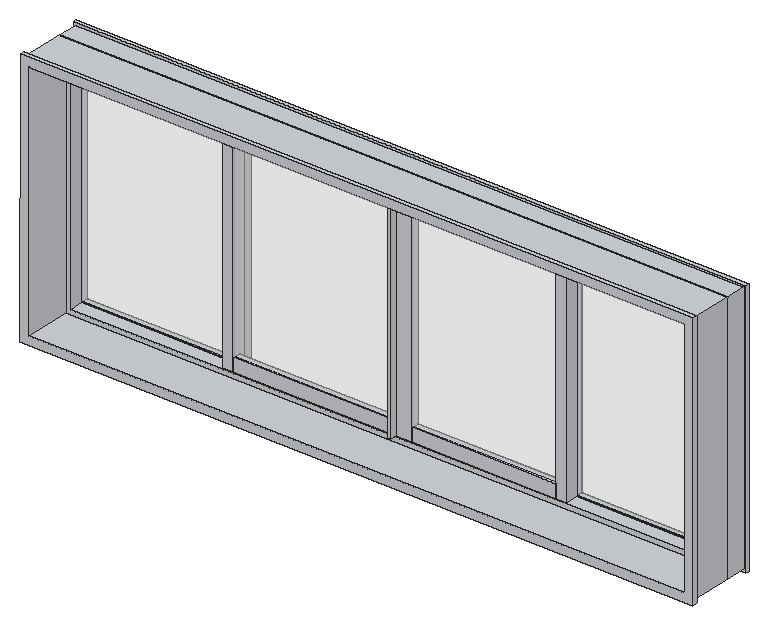
Revit family "APL Residential Thermal Heart Sliding Window FSSF", category Windows, host Wall, Revit 2017
Family settings
  Host = Wall
  OmniClass Number = 23.30.20.00
  OmniClass Title = Windows
  Always vertical = Yes
  Cut with Voids When Loaded = No
  Shared = No
  Room Calculation Point = No
Parameters (values of type "Architrave")
  Rough Width = 3215 mm
  Rough Height = 1215 mm
  Reveal Liner = no
  Liner Sill = yes
  Liner Head = yes
  Liner [instance] = 100.6 mm
  Length [instance] = ((Rough Width / 2) - 350 mm) / 2  # 628.75 mm
  Jamb Liner 2 = yes
  Jamb Liner 1 = yes
  Height = Rough Height - 15 mm  # 1200 mm
  Groove = 10 mm
  Frame Width = 12.4 mm
  Frame Projection Int. = 20 mm
  Frame Projection Ext. = 14 mm
  Liner End = 10 mm
  Default Sill Height = 900 mm
  Wall Closure = By host
  Width = Rough Width - 15 mm  # 3200 mm
  Arrow Opening = yes
  Architrave = yes
  Analytic Construction = "<None>"
Reference planes
  plane 1 "Center (Front/Back)": y = 0
  plane 2 "Center (Left/Right)": x = 12.5
  plane 3 "Left": x = -1595
  plane 4 "Right": x = 1620
  plane 5 "Sill": z = 900
  plane 6 "Head": z = 2115
  plane 7 "Exterior": y = 150
  plane 8 "Interior": y = -150
  plane 9: x = -791.25
  plane 10: x = 816.25
Forms (mm)
  Extrusion 1, solid, visible <- "Architrave"
    sketch origin (-5003.629, -150, 0) x (1, 0, 0) y (0, 0, 1)
      loop
        line (3436.629, 2086.896) -> (3436.629, 928.104) -> (6595.629, 928.104) -> (6595.629, 2086.896) -> (3436.629, 2086.896)
      loop
        line (3396.129, 2127.5) -> (3396.129, 887.5) -> (6636.129, 887.5) -> (6636.129, 2127.5) -> (3396.129, 2127.5)
    from 0 to 20 <- "Frame Projection Int."
  Extrusion 2, solid, visible <- "Architrave"
    sketch origin (0, -150, 0) x (1, 0, 0) y (0, 0, 1)
      loop
        line (-1595, 2115) -> (-1595, 900) -> (1620, 900) -> (1620, 2115) -> (-1595, 2115)
      loop
        line (-1567, 2087) -> (-1567, 928) -> (1592, 928) -> (1592, 2087) -> (-1567, 2087)
    from 0 to -203.308
  Sweep 3, solid, visible <- "Reveal Liner"
    path origin (0, -150, 0) x (1, 0, 0) y (0, 0, 1)
      loop
        line (-1595, 2115) -> (-1595, 900) -> (1620, 900) -> (1620, 2115) -> (-1595, 2115)
    profile origin (-1595, -150, 1507.5) x (-1, 0, 0) y (0, -1, 0)
      loop
        line (0, 0) -> (-15, 0) -> (-15, 10) -> (-9.435, 10) -> (-9.435, 20) -> (-28, 20) -> (-28, -203.308) -> (0, -203.308) -> (0, 0)
  Extrusion 4, solid
    sketch origin (0, 0, 0) x (1, 0, 0) y (0, 1, 0)
      loop
        line (95.154, 59.95) -> (95.154, 95.951) -> (18.117, 95.951) -> (18.117, 59.95) -> (95.154, 59.95)
    from 950.5 to 2064.5
  Extrusion 5, solid
    sketch origin (0, 0, 0) x (1, 0, 0) y (0, 1, 0)
      loop
        line (-765.84, 90.65) -> (-765.84, 66.65) -> (-16.866, 66.65) -> (-16.866, 90.65) -> (-765.84, 90.65)
    from 1015 to 2000
  Extrusion 6, solid
    sketch origin (787.05, 0, 0) x (1, 0, 0) y (0, 1, 0)
      loop
        line (52.04, 59.9) -> (52.04, 123.75) -> (0.04, 123.75) -> (0.04, 59.9) -> (52.04, 59.9)
    from 950.5 to 2064.5
  Extrusion 7, solid
    sketch origin (787.05, 0, 0) x (1, 0, 0) y (0, 1, 0)
      loop
        line (33.04, 123.75) -> (33.04, 168.35) -> (0.079, 168.35) -> (0.079, 123.75) -> (33.04, 123.75)
    from 931.5 to 2083.5
  Sweep 8, solid
    path origin (0, 150, 0) x (1, 0, 0) y (0, 0, 1)
      loop
        line (1620, 2115) -> (-1595, 2115) -> (-1595, 900) -> (1620, 900) -> (1620, 2115)
    profile origin (-1595, 150, 1507.5) x (0, -1, 0) y (1, 0, 0)
      loop
        line (0, 0) -> (96.692, 0) -> (96.692, 50.5) -> (26.25, 50.5) -> (26.25, 31.5) -> (-18.35, 31.5) -> (-18.35, 8.5) -> (-12.35, 2.5) -> (-12.35, -12.5) -> (0, -12.5) -> (0, 0)
  Extrusion 9, solid
    sketch origin (0, 0, 0) x (1, 0, 0) y (0, 1, 0)
      loop
        line (839.09, 152.85) -> (839.09, 128.85) -> (1569.5, 128.85) -> (1569.5, 152.85) -> (839.09, 152.85)
    from 950.5 to 2064.5
  Sweep 10, solid
    path origin (0, 150, 0) x (1, 0, 0) y (0, 0, 1)
      loop
        line (1588.5, 2083.5) -> (820.05, 2083.5) -> (820.05, 931.5) -> (1588.5, 931.5) -> (1588.5, 2083.5)
    profile origin (1588.5, 150, 1507.5) x (-1, 0, 0) y (0, -1, 0)
      loop
        line (19, 26.25) -> (0, 26.25) -> (0, -18.296) -> (4.668, -18.296) -> (19, -3.964) -> (19, 26.25)
  Sweep 11, solid
    path origin (1476.58, 150, 1726.054) x (0, 0, 1) y (-1, 0, 0)
      loop
        line (-794.554, 2242.42) -> (-794.554, 689.451)
    profile origin (10.645, 150, 931.5) x (0, 0, 1) y (0, -1, 0)
      loop
        line (0, -18.35) -> (1.334, -18.35) -> (19, 24.299) -> (19, 26.25) -> (0, 26.25) -> (0, -18.35)
  Extrusion 12, solid
    sketch origin (0, 0, 0) x (1, 0, 0) y (0, 1, 0)
      loop
        line (95.154, 95.951) -> (95.154, 59.9) -> (787.09, 59.9) -> (787.09, 95.951) -> (95.154, 95.951)
    from 950.5 to 1015
  Extrusion 13, solid
    sketch origin (-776.21, 0, 0) x (-1, 0, 0) y (0, -1, 0)
      loop
        line (41.631, -59.9) -> (-10.369, -59.9) -> (-10.369, -123.75) -> (41.631, -123.75) -> (41.631, -59.9)
    from 950.5 to 2064.5
  Extrusion 14, solid
    sketch origin (-776.21, 0, 0) x (-1, 0, 0) y (0, -1, 0)
      loop
        line (22.631, -123.75) -> (-10.33, -123.75) -> (-10.33, -168.35) -> (22.631, -168.35) -> (22.631, -123.75)
    from 931.5 to 2083.5
  Extrusion 15, solid
    sketch origin (-857.244, 0, 0) x (1, 0, 0) y (0, 1, 0)
      loop
        line (91.404, 95.951) -> (91.404, 59.9) -> (840.378, 59.9) -> (840.378, 95.951) -> (91.404, 95.951)
    from 950.5 to 1015
  Extrusion 16, solid
    sketch origin (0.582, 0, 1049.5) x (0, -1, 0) y (1, 0, 0)
      loop
        line (-95.951, 94.572) -> (-59.9, 94.572) -> (-59.9, 786.508) -> (-95.951, 786.508) -> (-95.951, 94.572)
    from 950.5 to 1015
  Extrusion 17, solid
    sketch origin (-861.404, 0, 1049.5) x (0, -1, 0) y (1, 0, 0)
      loop
        line (-95.951, 95.364) -> (-59.9, 95.364) -> (-59.9, 844.538) -> (-95.951, 844.538) -> (-95.951, 95.364)
    from 950.5 to 1015
  Sweep 18, solid
    path origin (25, 150, 0) x (-1, 0, 0) y (0, 0, 1)
      loop
        line (1588.5, 2083.5) -> (823.84, 2083.5) -> (823.84, 931.5) -> (1588.5, 931.5) -> (1588.5, 2083.5)
    profile origin (-1563.5, 150, 1507.5) x (-1, 0, 0) y (0, -1, 0)
      loop
        line (-19, 26.25) -> (-19, -3.964) -> (-4.668, -18.296) -> (0, -18.296) -> (0, 26.25) -> (-19, 26.25)
  Sweep 19, solid
    path origin (1476.58, 150, 1288.946) x (0, 0, -1) y (-1, 0, 0)
      loop
        line (-794.554, 2242.42) -> (-794.554, 675.291)
    profile origin (17.724, 150, 2083.5) x (0, 0, 1) y (0, -1, 0)
      loop
        line (0, -18.35) -> (0, 26.25) -> (-19, 26.25) -> (-19, 24.299) -> (-1.334, -18.35) -> (0, -18.35)
  Extrusion 20, solid
    sketch origin (803.978, 0, 0) x (1, 0, 0) y (0, 1, 0)
      loop
        line (-708.824, 90.65) -> (-708.824, 66.65) -> (-2.706, 66.65) -> (-2.706, 90.65) -> (-708.824, 90.65)
    from 1015 to 2000
  Extrusion 21, solid
    sketch origin (-2383.59, 0, 0) x (1, 0, 0) y (0, 1, 0)
      loop
        line (839.09, 152.85) -> (839.09, 128.85) -> (1565.75, 128.85) -> (1565.75, 152.85) -> (839.09, 152.85)
    from 950.5 to 2064.5
  Extrusion 22, solid
    sketch origin (-77.037, 0, 0) x (1, 0, 0) y (0, 1, 0)
      loop
        line (78.968, 59.95) -> (78.968, 29.527) -> (95.154, 29.527) -> (95.154, 125.701) -> (79.141, 125.701) -> (79.141, 95.951) -> (60.171, 95.951) -> (60.171, 59.95) -> (78.968, 59.95)
    from 950.5 to 2064.5
Cuts and joins
  joined: Extrusion 1, Extrusion 2
Lines and regions (mm)
  Opening 1
    outline origin (3496.371, -150, 0) x (1, 0, 0) y (0, 0, 1)
      loop
        line (-1876.371, 900) -> (-1876.371, 2115) -> (-5091.371, 2115) -> (-5091.371, 900) -> (-1876.371, 900)
  Masking region 1
    outline origin (787.05, 0, 0) x (1, 0, 0) y (0, 1, 0)
      loop
        line (0.079, 123.75) -> (52.04, 123.75) -> (52.04, 153.964) -> (37.654, 168.35) -> (0.079, 168.35) -> (0.079, 123.75)
  Masking region 2
    outline origin (-1595, 150, 900) x (0, -1, 0) y (1, 0, 0)
      loop
        line (-3.964, 3164.5) -> (96.692, 3164.5) -> (96.692, 3215) -> (0, 3215) -> (0, 3227.5) -> (-12.35, 3227.5) -> (-12.35, 3212.5) -> (-18.35, 3206.5) -> (-18.35, 3178.886) -> (-3.964, 3164.5)
  Masking region 3
    outline origin (-776.21, 0, 0) x (0, 1, 0) y (-1, 0, 0)
      loop
        line (123.75, -10.369) -> (168.35, -10.369) -> (168.35, 27.244) -> (153.964, 41.631) -> (123.75, 41.631) -> (123.75, -10.369)
  symbolic lines, style "WindowsOpeningProjection", visible <- "Arrow Opening"
    curve 1: line (213.97, 198.581, 0) -> (563.97, 198.581, 0)
    curve 2: line (563.97, 198.581, 0) -> (467.377, 224.463, 0)
    curve 3: line (270.611, 150, 1507.5) -> (620.611, 150, 1507.5)
    curve 4: line (620.611, 150, 1507.5) -> (562.656, 150, 1523.029)
    curve 5: line (-235.201, 150, 1507.5) -> (-585.201, 150, 1507.5)
    curve 6: line (-585.201, 150, 1507.5) -> (-527.246, 150, 1523.029)
    curve 7: line (-178.56, 198.581, 0) -> (-528.56, 198.581, 0)
    curve 8: line (-528.56, 198.581, 0) -> (-431.967, 224.463, 0)
Text (mm)
  text "EXTERIOR" at (-1981.466, 1222.999, 0), in view "Ref. Level"
  text "INTERIOR" at (-1981.466, -818.386, 0), in view "Ref. Level"
  text "Exterior" at (0, 923.751, 2943.296), in view "Right"
  text "Exterior" at (0, 1040.484, 2685.409), in view "Left"
Dimensions and locks
  equal spacing: plane 3 "Left", plane 2 "Center (Left/Right)", plane 4 "Right"
  "Rough Width": plane 3 "Left" to plane 4 "Right"
  "Rough Height": plane 5 "Sill" to plane 6 "Head"
  "Default Sill Height": plane 5 "Sill" to level
  locked: plane 7 "Exterior" to host wall at 0
  locked: plane 8 "Interior" to host wall
  locked: curve 1 to curve 1 at 350
  curve 2 to curve 2 = 100 mm
  locked: curve 4 to curve 4 at 60
  locked: cut or joined group of Extrusion 1, Extrusion 2 to cut or joined group of Extrusion 1, Extrusion 2 at 28
  nested 2 to plane 4 "Right" = 7.5 mm
  locked: plane 3 "Left" to nested 2 at 7.5
  plane 5 "Sill" to nested 1 = 7.5 mm
  locked: plane 7 "Exterior" to Sweep 3 at 96.692  (x3)
  locked: Extrusion 6 to plane 7 "Exterior" at 90.1
  locked: Extrusion 4 to Sweep 3 at 6.642
  Extrusion 4 to Extrusion 5 to Extrusion 5 to Extrusion 4 = 5.301 mm locked, 24 mm locked, 6.7 mm locked
  Extrusion 4 to Extrusion 4 to Sweep 3 = 36.001 mm locked, 6.642 mm locked
  locked: Extrusion 12 to Extrusion 12 at 36.051
  locked: Extrusion 12 to Sweep 3 at 6.592
  equal spacing: plane 5 "Sill", curve 3, plane 6 "Head"
  locked: curve 3 to curve 3 at 350
  locked: Extrusion 9 to plane 6 "Head" at 50.5
  locked: Extrusion 5 to plane 6 "Head" at 115
  locked: Extrusion 4 to plane 6 "Head" at 50.5
  locked: Extrusion 7 to plane 6 "Head" at 31.5
  plane 6 "Head" to Extrusion 6 = 50.5 mm
  locked: nested 1 to plane 5 "Sill" at 7.5
  locked: Extrusion 15 to Extrusion 15 at 36.051
  locked: Extrusion 16 to Extrusion 16 at 36.051
  locked: Extrusion 17 to Extrusion 17 at 36.051
  locked: curve 6 to curve 6 at 60
  locked: curve 5 to curve 5 at 350
  locked: Extrusion 20 to Extrusion 20 at 24
  locked: curve 7 to curve 7 at 350
  curve 8 to curve 8 = 100 mm
  locked: Sweep 8 to Extrusion 13 at 6.592
  Extrusion 13 to Extrusion 14 to plane 7 "Exterior" = 63.85 mm locked, 26.25 mm locked
  locked: Sweep 8 to plane 7 "Exterior" at 96.692
  Extrusion 17 to Extrusion 5 to Extrusion 5 to Extrusion 17 to Sweep 8 = 5.301 mm locked, 24 mm locked, 6.75 mm locked, 6.592 mm locked
  Extrusion 16 to Extrusion 5 to Extrusion 5 to Extrusion 16 = 5.301 mm locked, 24 mm locked, 6.75 mm locked
  locked: Extrusion 5 to Sweep 8 at 13.342
  locked: Extrusion 5 to Extrusion 5 at 24
  Extrusion 6 to Extrusion 20 to Extrusion 20 to Extrusion 4 = 6.75 mm locked, 24 mm locked, 5.301 mm locked
  plane 7 "Exterior" to Sweep 8 to Sweep 8 = 12.35 mm locked, 6 mm locked
  Extrusion 13 to plane 9 to Extrusion 13 = 26.59 mm locked, 25.41 mm locked
  Extrusion 14 to plane 9 to Extrusion 14 = 7.59 mm locked, 25.371 mm locked
  Extrusion 15 to plane 2 "Center (Left/Right)" = 29.366 mm  (x2)
  plane 2 "Center (Left/Right)" to Extrusion 4 to Extrusion 12 = 5.617 mm locked, 77.037 mm locked
  Extrusion 6 to plane 10 to Extrusion 6 = 29.16 mm locked, 22.84 mm locked
  Extrusion 7 to plane 10 to Extrusion 7 = 29.121 mm locked, 3.84 mm locked
  locked: Sweep 8 to plane 4 "Right" at 50.5
  locked: plane 3 "Left" to Sweep 8 at 50.5
  locked: plane 6 "Head" to Extrusion 17 at 50.5
  locked: plane 6 "Head" to Extrusion 4 at 50.5
  equal spacing: plane 5 "Sill", curve 5, plane 6 "Head"
  locked: Extrusion 17 to Extrusion 17 at 64.5
  locked: Extrusion 16 to Extrusion 4 at 64.5
  locked: plane 6 "Head" to Extrusion 5 at 115
  locked: Extrusion 16 to Extrusion 16 at 64.5
  locked: Extrusion 20 to plane 6 "Head" at 115
  locked: Extrusion 21 to plane 6 "Head" at 50.5
  locked: Extrusion 14 to plane 6 "Head" at 31.5
  locked: plane 6 "Head" to Extrusion 13 at 50.5
  equal spacing: plane 3 "Left", plane 9, plane 2 "Center (Left/Right)"
  equal spacing: plane 2 "Center (Left/Right)", plane 10, plane 4 "Right"
  Extrusion 22 to Extrusion 22 = 36.001 mm
  locked: Extrusion 22 to Extrusion 22 at 36.001
  locked: Extrusion 22 sketch curve to Extrusion 22 sketch curve at 29.75
  locked: Extrusion 22 sketch curve to Extrusion 22 sketch curve at 30.423
  locked: Extrusion 15 to Extrusion 22 sketch curve at 34.983
  locked: Extrusion 22 sketch curve to Extrusion 22 sketch curve at 16.186
  locked: plane 6 "Head" to nested 1 at 7.5
  locked: Extrusion 22 to plane 6 "Head" at 50.5
  angle curve 2 to curve 1 = 15.00°
  locked: curve 3 to curve 4 (angle 15.00°)
  locked: curve 6 to curve 5 (angle 15.00°)
  locked: curve 7 to curve 8 (angle 15.00°)
  aligned and locked: Extrusion 2 sketch curve to host wall  (x2)
  aligned and locked: host wall to Extrusion 2 sketch curve
  aligned and locked: plane 6 "Head" to Sweep 3 sketch curve
  aligned and locked: Sweep 3 sketch curve to plane 3 "Left"  (x2)
  aligned and locked: Sweep 3 sketch curve to plane 5 "Sill"
  aligned and locked: plane 4 "Right" to Sweep 3 sketch curve
  aligned and locked: Sweep 3 sketch curve to host wall
  aligned and locked: Opening 1 sketch curve to plane 4 "Right"
  aligned and locked: Sweep 3 sketch curve to cut or joined group of Extrusion 1, Extrusion 2
  aligned and locked: Extrusion 2 to Sweep 3
  aligned and locked: Masking region 2 to cut or joined group of Extrusion 1, Extrusion 2
  aligned and locked: host wall to Extrusion 2
  aligned and locked: Extrusion 6 to Extrusion 9
  aligned and locked: Masking region 1 to Extrusion 6
  aligned and locked: Masking region 1 to Extrusion 9
  aligned and locked: Masking region 2 to Sweep 3
  aligned and locked: Masking region 2 sketch curve to host wall
  aligned and locked: Masking region 2 sketch curve to plane 4 "Right"
  aligned and locked: Extrusion 6 to Extrusion 4
  aligned and locked: Extrusion 13 to Masking region 3
  aligned and locked: Extrusion 13 to Extrusion 15
  aligned and locked: Sweep 8 to Extrusion 13
  aligned and locked: Sweep 8 to Masking region 3
  aligned and locked: Extrusion 14 to Sweep 8
  aligned and locked: Sweep 8 to Extrusion 14
  aligned and locked: Sweep 8 to Masking region 2  (x2)
  aligned and locked: Masking region 2 to Sweep 8
  aligned and locked: Masking region 2 to host wall
  aligned and locked: host wall to Sweep 8 sketch curve
  aligned and locked: Sweep 8 sketch curve to plane 3 "Left"
  aligned and locked: cut or joined group of Extrusion 1, Extrusion 2 to Sweep 8 sketch curve
  aligned and locked: Extrusion 12 to Extrusion 6
  aligned and locked: Extrusion 16 to Extrusion 6
Automatic sketch dimensions
  plane 3 "Left" to Opening 1 sketch curve = 0 mm
  Opening 1 sketch curve to plane 5 "Sill" = 0 mm
  Opening 1 sketch curve to plane 6 "Head" = 0 mm
  plane 3 "Left" to Extrusion 1 sketch curve = 12.5 mm
  Extrusion 1 sketch curve to plane 3 "Left" = 28 mm
  plane 4 "Right" to Extrusion 1 sketch curve = 28 mm
  Extrusion 1 sketch curve to plane 4 "Right" = 12.5 mm
  plane 5 "Sill" to Extrusion 1 sketch curve = 12.5 mm
  Extrusion 1 sketch curve to plane 5 "Sill" = 28.104 mm
  plane 6 "Head" to Extrusion 1 sketch curve = 28.104 mm
  Extrusion 1 sketch curve to plane 6 "Head" = 12.5 mm
  plane 4 "Right" to Extrusion 2 sketch curve = 0 mm
  Extrusion 2 sketch curve to plane 3 "Left" = 28 mm
  plane 4 "Right" to Extrusion 2 sketch curve = 28 mm
  Extrusion 2 sketch curve to plane 5 "Sill" = 28 mm
  plane 6 "Head" to Extrusion 2 sketch curve = 28 mm
  host wall to curve 8 = 48.581 mm
  plane 9 to curve 8 = 262.69 mm
  host wall to curve 2 = 48.581 mm
  curve 2 to plane 10 = 252.28 mm
  plane 9 to curve 6 = 206.049 mm
  curve 4 to plane 10 = 195.639 mm
  profile plane to Sweep 3 sketch curve = 9.435 mm
  Sweep 3 sketch curve to Sweep 3 sketch curve = 5.565 mm
  profile plane to Sweep 3 sketch curve = 28 mm
  plane 8 "Interior" to Sweep 3 sketch curve = 10 mm
  Sweep 3 sketch curve to Sweep 3 sketch curve = 10 mm
  Extrusion 4 sketch curve to plane 2 "Center (Left/Right)" = 5.617 mm
  Extrusion 4 sketch curve to Extrusion 4 sketch curve = 77.037 mm
  Extrusion 4 sketch curve to host wall = 59.95 mm
  Extrusion 4 sketch curve to Extrusion 4 sketch curve = 36.001 mm
  plane 9 to Extrusion 5 sketch curve = 25.41 mm
  plane 2 "Center (Left/Right)" to Extrusion 5 sketch curve = 29.366 mm
  Extrusion 5 sketch curve to host wall = 66.65 mm
  Extrusion 5 sketch curve to Extrusion 5 sketch curve = 24 mm
  Extrusion 6 sketch curve to plane 10 = 29.16 mm
  plane 10 to Extrusion 6 sketch curve = 22.84 mm
  Extrusion 6 sketch curve to host wall = 59.9 mm
  Extrusion 6 sketch curve to host wall = 26.25 mm
  Extrusion 7 sketch curve to plane 10 = 29.121 mm
  plane 10 to Extrusion 7 sketch curve = 3.84 mm
  Extrusion 7 sketch curve to host wall = 26.25 mm
  host wall to Extrusion 7 sketch curve = 18.35 mm
  plane 3 "Left" to Sweep 8 sketch curve = 0 mm
  plane 4 "Right" to Sweep 8 sketch curve = 0 mm
  Sweep 8 sketch curve to plane 5 "Sill" = 0 mm
  Sweep 8 sketch curve to plane 6 "Head" = 0 mm
  Sweep 8 sketch curve to profile plane = 2.5 mm
  Sweep 8 sketch curve to plane 7 "Exterior" = 12.35 mm
  Sweep 8 sketch curve to plane 7 "Exterior" = 18.35 mm
  plane 7 "Exterior" to Sweep 8 sketch curve = 26.25 mm
  profile plane to Sweep 8 sketch curve = 12.5 mm
  Sweep 8 sketch curve to Sweep 8 sketch curve = 6 mm
  Sweep 8 sketch curve to Sweep 8 sketch curve = 23 mm
  Sweep 8 sketch curve to Sweep 8 sketch curve = 19 mm
  plane 10 to Extrusion 9 sketch curve = 22.84 mm
  Extrusion 9 sketch curve to host wall = 21.15 mm
  plane 4 "Right" to Extrusion 9 sketch curve = 50.5 mm
  host wall to Extrusion 9 sketch curve = 2.85 mm
  plane 10 to Sweep 10 sketch curve = 3.8 mm
  plane 4 "Right" to Sweep 10 sketch curve = 31.5 mm
  Sweep 10 sketch curve to plane 5 "Sill" = 31.5 mm
  plane 6 "Head" to Sweep 10 sketch curve = 31.5 mm
  Sweep 10 sketch curve to profile plane = 0 mm
  Sweep 10 sketch curve to profile plane = 4.668 mm
  Sweep 10 sketch curve to plane 7 "Exterior" = 3.964 mm
  Sweep 10 sketch curve to profile plane = 19 mm
  Sweep 10 sketch curve to plane 7 "Exterior" = 18.296 mm
  plane 7 "Exterior" to Sweep 10 sketch curve = 26.25 mm
  Sweep 11 sketch curve to plane 5 "Sill" = 31.5 mm
  Sweep 11 sketch curve to plane 10 = 29.121 mm
  plane 9 to Sweep 11 sketch curve = 25.41 mm
  profile plane to Sweep 11 sketch curve = 0 mm
  Sweep 11 sketch curve to profile plane = 1.334 mm
  Sweep 11 sketch curve to profile plane = 19 mm
  Sweep 11 sketch curve to plane 7 "Exterior" = 18.35 mm
  plane 7 "Exterior" to Sweep 11 sketch curve = 24.299 mm
  Sweep 11 sketch curve to Sweep 11 sketch curve = 1.951 mm
  Masking region 1 sketch curve to plane 10 = 29.121 mm
  plane 10 to Masking region 1 sketch curve = 8.454 mm
  plane 10 to Masking region 1 sketch curve = 22.84 mm
  Masking region 1 sketch curve to host wall = 26.25 mm
  host wall to Masking region 1 sketch curve = 3.964 mm
  host wall to Masking region 1 sketch curve = 18.35 mm
  host wall to Masking region 2 sketch curve = 3.964 mm
  host wall to Masking region 2 sketch curve = 12.35 mm
  plane 4 "Right" to Masking region 2 sketch curve = 8.5 mm
  Masking region 2 sketch curve to Masking region 2 sketch curve = 6 mm
  Masking region 2 sketch curve to host wall = 53.308 mm
  Masking region 2 sketch curve to Masking region 2 sketch curve = 27.614 mm
  Masking region 2 sketch curve to Masking region 2 sketch curve = 14.386 mm
  plane 4 "Right" to Masking region 2 sketch curve = 2.5 mm
  Masking region 2 sketch curve to Masking region 2 sketch curve = 12.5 mm
  Extrusion 12 sketch curve to plane 2 "Center (Left/Right)" = 82.654 mm
  Extrusion 12 sketch curve to plane 10 = 29.16 mm
  Extrusion 12 sketch curve to host wall = 59.9 mm
  Extrusion 12 sketch curve to Extrusion 12 sketch curve = 36.051 mm
  Extrusion 13 sketch curve to plane 9 = 25.41 mm
  plane 9 to Extrusion 13 sketch curve = 26.59 mm
  host wall to Extrusion 13 sketch curve = 59.9 mm
  host wall to Extrusion 13 sketch curve = 26.25 mm
  Extrusion 14 sketch curve to plane 9 = 25.371 mm
  plane 9 to Extrusion 14 sketch curve = 7.59 mm
  host wall to Extrusion 14 sketch curve = 26.25 mm
  Extrusion 14 sketch curve to host wall = 18.35 mm
  Masking region 3 sketch curve to host wall = 26.25 mm
  host wall to Masking region 3 sketch curve = 3.964 mm
  host wall to Masking region 3 sketch curve = 18.35 mm
  plane 9 to Masking region 3 sketch curve = 25.41 mm
  Masking region 3 sketch curve to plane 9 = 12.204 mm
  Masking region 3 sketch curve to plane 9 = 26.59 mm
  plane 9 to Extrusion 15 sketch curve = 25.41 mm
  plane 2 "Center (Left/Right)" to Extrusion 15 sketch curve = 29.366 mm
  Extrusion 15 sketch curve to host wall = 59.9 mm
  Extrusion 15 sketch curve to Extrusion 15 sketch curve = 36.051 mm
  Extrusion 16 sketch curve to plane 10 = 29.16 mm
  Extrusion 16 sketch curve to host wall = 54.049 mm
  Extrusion 16 sketch curve to Extrusion 16 sketch curve = 36.051 mm
  Extrusion 16 sketch curve to plane 2 "Center (Left/Right)" = 82.654 mm
  Extrusion 17 sketch curve to host wall = 54.049 mm
  Extrusion 17 sketch curve to Extrusion 17 sketch curve = 36.051 mm
  plane 9 to Extrusion 17 sketch curve = 25.21 mm
  plane 2 "Center (Left/Right)" to Extrusion 17 sketch curve = 29.366 mm
  plane 9 to Sweep 18 sketch curve = 7.59 mm
  plane 3 "Left" to Sweep 18 sketch curve = 31.5 mm
  plane 5 "Sill" to Sweep 18 sketch curve = 31.5 mm
  Sweep 18 sketch curve to plane 6 "Head" = 31.5 mm
  Sweep 18 sketch curve to profile plane = 0 mm
  Sweep 18 sketch curve to Sweep 18 sketch curve = 4.668 mm
  Sweep 18 sketch curve to plane 7 "Exterior" = 3.964 mm
  profile plane to Sweep 18 sketch curve = 19 mm
  Sweep 18 sketch curve to plane 7 "Exterior" = 18.296 mm
  plane 7 "Exterior" to Sweep 18 sketch curve = 26.25 mm
  plane 10 to Sweep 19 sketch curve = 14.961 mm
  Sweep 19 sketch curve to plane 6 "Head" = 31.5 mm
  Sweep 19 sketch curve to plane 9 = 25.41 mm
  profile plane to Sweep 19 sketch curve = 19 mm
  profile plane to Sweep 19 sketch curve = 1.334 mm
  Sweep 19 sketch curve to profile plane = 0 mm
  Sweep 19 sketch curve to plane 7 "Exterior" = 18.35 mm
  plane 7 "Exterior" to Sweep 19 sketch curve = 24.299 mm
  Sweep 19 sketch curve to Sweep 19 sketch curve = 1.951 mm
  Extrusion 20 sketch curve to plane 2 "Center (Left/Right)" = 82.654 mm
  Extrusion 20 sketch curve to plane 10 = 14.978 mm
  Extrusion 20 sketch curve to host wall = 66.65 mm
  Extrusion 20 sketch curve to Extrusion 20 sketch curve = 24 mm
  Extrusion 21 sketch curve to host wall = 21.15 mm
  Extrusion 21 sketch curve to plane 3 "Left" = 50.5 mm
  Extrusion 21 sketch curve to plane 9 = 26.59 mm
  host wall to Extrusion 21 sketch curve = 2.85 mm
  plane 2 "Center (Left/Right)" to Extrusion 22 sketch curve = 29.366 mm
  plane 2 "Center (Left/Right)" to Extrusion 22 sketch curve = 10.396 mm
  Extrusion 22 sketch curve to host wall = 29.527 mm
  Extrusion 22 sketch curve to host wall = 24.299 mm
Nested families
  nested 1: "APL Residential Thermal Heart Sliding Window FSSF Vertical Section" at (-1607.5, -227.596, 1030.897) x (0, -1, 0) z (-1, 0, 0), Box Height <- "Height", Groove <- "Groove", Liner End <- "Liner End", Liner <- "Liner", type "Groove"
    with Liner End 10 mm, Liner 100.6 mm, Groove 10 mm, Glass Length Fixed 982.1 mm, Glass Length 982.1 mm, Box Height 1200 mm
  nested 2: "APL Residential Thermal Heart Sliding Window FSSF Horizontal Section" at (1112.417, 207.796, 900) x (-1, 0, 0) z (0, 0, 1), Box Width <- "Width", Liner <- "Liner", Groove <- "Groove", Liner End <- "Liner End", type "Groove"
    with Liner End 10 mm, Liner 100.6 mm, Groove 10 mm, Glass Length 704 mm, Glass Fixed Length 756 mm, Box Width 3200 mm
Definition of nested family "APL Residential Thermal Heart Sliding Window FSSF Vertical Section"
  Parameters (values of type "Groove")
    Sill Liner = yes
    Liner End [instance] = 10 mm
    Liner Block = Liner : Liner
    Liner [instance] = 100 mm
    Head Liner = yes
    Groove [instance] = 10 mm
    Glass Length Fixed [instance] = Box Height - 217.9 mm  # 282.1 mm
    Glass Length [instance] = Box Height - 217.9 mm  # 282.1 mm
    Box Height [instance] = 500 mm
  Types (2, lengths in mm): name | Liner Block
    Groove | Liner : Liner
    No Groove | Liner No Groove : Liner No Groove
  Reference planes
    plane 1 "Center (Front/Back)": x = -337.446
    plane 2: z = 0
    plane 3 "Center (Left/Right)": y = 126.603
    plane 4: y = 376.603
    plane 5: y = -123.397
    plane 6: x = -284.446
    plane 7: x = -284.446
    plane 8: x = -377.596
    plane 9: y = -128.397
  Dimensions and locks
    equal spacing: plane 4, plane 3 "Center (Left/Right)", plane 5
    "Box Height": plane 4 to plane 5
    "Liner": plane 6 to nested 1
    "Liner": plane 7 to nested 2
    locked: nested 3 to plane 4 at 92
    plane 5 to nested 4 = 92.46 mm
    locked: nested 7 to nested 5 at 6.328
    locked: nested 5 to plane 4 at 30.328
    locked: nested 3 to nested 7 at 6
    locked: nested 6 to nested 4 at 5.96
    locked: nested 6 to nested 8 at 6.328
    locked: plane 5 to nested 8 at 30.328
    locked: nested 7 to nested 1 at 22.396
    locked: nested 2 to nested 6 at 22.397
    aligned and locked: plane 7 to nested 2
  Nested families
    nested 1: "Liner" at (-284.446, 355.999, 0), type <- "Liner Block", visible <- "Head Liner", type "Liner", in view "Left", detail levels fine
      with built-in parameter 1001306 0.32808 (stored number, unit not read)
    nested 2: "Liner" at (-284.446, -102.794, 0), type <- "Liner Block", visible <- "Sill Liner", type "Liner", in view "Left", detail levels fine
      with built-in parameter 1001306 0.32808 (stored number, unit not read)
    nested 3: "Glass" at (-318.298, 284.602, 0), Glass Lenght <- "Glass Length", type "Glass", in view "Left", detail levels fine
      with Glass Lenght 282.1 mm
    nested 4: "Glass" at (-318.298, -30.937, 0), Glass Lenght <- "Glass Length", type "Glass", in view "Left", detail levels fine
      with Glass Lenght 282.1 mm
    nested 5: "Glazing Bead" at (-379.977, 346.275, 0), Glass Lenght <- "Glass Length Fixed", type "Glazing Bead", in view "Left", detail levels fine
      with Glass Lenght 282.1 mm
    nested 6: "Two Panel Sill" at (-308.917, -123.397, 0), type "Two Panel Sill", in view "Left", detail levels fine
    nested 7: "Two Panel Head" at (-395.946, 376.603, 0), type "Two Panel Head", in view "Left", detail levels fine
    nested 8: "Glazing Bead" at (-379.977, -93.07, 0), Glass Lenght <- "Glass Length Fixed", type "Glazing Bead", in view "Left", detail levels fine
      with Glass Lenght 282.1 mm
  Definition of nested family "Liner"
    Parameters (values of type "Liner")
      Type Image = (empty or 0)
      built-in parameter 1001306 [instance] = 100 mm
      Groove [instance] = 10 mm
      End Liner [instance] = 10 mm
    Reference planes
      plane 1 "Center (Front/Back)": y = 0
      plane 2: z = 0
      plane 3 "Left": x = 0
      plane 4 "Right": x = 100
    Lines and regions (mm)
      Filled region 1, type "Brick", in view "Ref. Level"
        outline origin (0, 0, 0) x (1, 0, 0) y (0, 1, 0)
          loop
            line (0, 0) -> (120, 0) -> (120, 19) -> (110, 19) -> (110, 13.435) -> (100, 13.435) -> (100, 19) -> (0, 19) -> (0, 0)
      reference lines, in view "Ref. Level"
        curve 1: line (0, 0, 0) -> (100, 0, 0)
      detail lines, in view "Ref. Level", detail levels fine
        curve 2: line (100, 0, 0) -> (0, 0, 0)
    Dimensions and locks
      "built-in parameter 1001306": plane 3 "Left" to plane 4 "Right"
      locked: Filled region 1 to curve 2 at 19
      "Groove": plane 4 "Right" to Filled region 1
      "End Liner": Filled region 1 to Filled region 1
      aligned and locked: plane 1 "Center (Front/Back)" to curve 1
      aligned and locked: plane 3 "Left" to curve 1
      aligned and locked: plane 4 "Right" to curve 1
      aligned and locked: curve 1 to Filled region 1
      aligned and locked: plane 1 "Center (Front/Back)" to Filled region 1
      aligned and locked: Filled region 1 to plane 3 "Left"
    Automatic sketch dimensions
      curve 2 to plane 4 "Right" = 0 mm
      Filled region 1 sketch curve to plane 3 "Left" = 0 mm
      Filled region 1 sketch curve to plane 4 "Right" = 0 mm
      Filled region 1 sketch curve to Filled region 1 sketch curve = 10 mm  (x2)
      Filled region 1 sketch curve to plane 1 "Center (Front/Back)" = 0 mm
      Filled region 1 sketch curve to plane 1 "Center (Front/Back)" = 13.435 mm
      Filled region 1 sketch curve to Filled region 1 sketch curve = 5.565 mm  (x2)
      curve 2 to plane 3 "Left" = 0 mm
  Definition of nested family "Glass"
    Parameters (values of type "Glass")
      Glass Lenght [instance] = 50 mm
    Reference planes
      plane 1 "Center (Front/Back)": y = 0
      plane 2: z = 0
      plane 3 "Center (Left/Right)": x = 0
      plane 4: y = -50
    Lines and regions (mm)
      Filled region 1, type "Solid Fill - Black", in view "Ref. Level"
        outline origin (0, 0, 0) x (1, 0, 0) y (0, 1, 0)
          loop
            line (4, 0) -> (4, -12) -> (20, -12) -> (20, 0) -> (4, 0)
      model lines, in view "Ref. Level"
        curve 1: line (4, -12, 0) -> (20, -12, 0)
        curve 2: line (0, -50, 0) -> (0, 0, 0)
        curve 3: line (0, 0, 0) -> (24, 0, 0)
        curve 4: line (24, 0, 0) -> (24, -50, 0)
        curve 5: line (20, 0, 0) -> (20, -50, 0)
        curve 6: line (4, 0, 0) -> (4, -50, 0)
      detail lines, in view "Ref. Level"
        curve 7: arc (25, -11.728, 0) -> (24.979, -11.828, 0) -> (24.92, -11.912, 0) r 0.25
        curve 8: arc (24.161, -12.614, 0) -> (24.042, -12.78, 0) -> (24, -12.981, 0) r 0.5
        curve 9: arc (24, -14.404, 0) -> (24.088, -14.594, 0) -> (24.289, -14.651, 0) r 0.25
        curve 10: arc (28.489, -13.997, 0) -> (28.647, -13.904, 0) -> (28.699, -13.728, 0) r 0.25
        curve 11: arc (27.5, -9.1, 0) -> (27.711, -8.984, 0) -> (27.727, -8.744, 0) r 0.25
        curve 12: arc (26.033, -5.114, 0) -> (25.642, -4.858, 0) -> (25.24, -5.095, 0) r 0.442
        curve 13: arc (24.864, -5.812, 0) -> (24.414, -6.357, 0) -> (24.052, -6.964, 0) r 4.62
        curve 14: arc (24.052, -6.964, 0) -> (24.013, -7.073, 0) -> (24, -7.187, 0) r 0.5
        curve 15: arc (24, -7.743, 0) -> (24.132, -7.931, 0) -> (24.353, -7.871, 0) r 0.2
        curve 16: arc (24.353, -7.871, 0) -> (24.514, -7.711, 0) -> (24.702, -7.581, 0) r 1.262
        curve 17: arc (24.702, -7.581, 0) -> (24.901, -7.583, 0) -> (25, -7.756, 0) r 0.2
        curve 18: arc (25, -8.353, 0) -> (24.962, -8.543, 0) -> (24.855, -8.705, 0) r 0.5
        curve 19: arc (24.855, -8.705, 0) -> (24.408, -9.237, 0) -> (24.051, -9.833, 0) r 4.3
        curve 20: arc (24.051, -9.833, 0) -> (24.013, -9.941, 0) -> (24, -10.054, 0) r 0.5
        curve 21: arc (24, -10.668, 0) -> (24.137, -10.858, 0) -> (24.361, -10.787, 0) r 0.2
        curve 22: arc (24.361, -10.787, 0) -> (24.512, -10.617, 0) -> (24.69, -10.476, 0) r 1.288
        curve 23: arc (24.69, -10.476, 0) -> (24.895, -10.467, 0) -> (25, -10.643, 0) r 0.2
        curve 24: line (24.92, -11.912, 0) -> (24.161, -12.614, 0)
        curve 25: line (24, -12.981, 0) -> (24, -14.404, 0)
        curve 26: line (24.289, -14.651, 0) -> (28.489, -13.997, 0)
        curve 27: line (28.699, -13.728, 0) -> (28.548, -12, 0)
        curve 28: line (28.548, -12, 0) -> (27, -12, 0)
        curve 29: line (27, -12, 0) -> (27, -9.1, 0)
        curve 30: line (27, -9.1, 0) -> (27.5, -9.1, 0)
        curve 31: line (27.727, -8.744, 0) -> (26.033, -5.114, 0)
        curve 32: line (25.24, -5.095, 0) -> (24.864, -5.812, 0)
        curve 33: line (24, -7.187, 0) -> (24, -7.743, 0)
        curve 34: line (25, -7.756, 0) -> (25, -8.353, 0)
        curve 35: line (24, -10.054, 0) -> (24, -10.668, 0)
        curve 36: line (25, -10.643, 0) -> (25, -11.728, 0)
        curve 87: arc (-0.25, -13, 0) -> (0, -12.75, 0) -> (-0.25, -12.5, 0) r 0.25
        curve 88: arc (-0.25, -9.45, 0) -> (0, -9.2, 0) -> (-0.25, -8.95, 0) r 0.25
        curve 89: arc (-0.25, -8.281, 0) -> (0, -8.031, 0) -> (-0.25, -7.781, 0) r 0.25
        curve 90: arc (-0.25, -7.113, 0) -> (0, -6.863, 0) -> (-0.25, -6.613, 0) r 0.25
        curve 91: line (-0.25, -5.444, 0) -> (-1, -5.444, 0)
        curve 92: line (-1, -5.444, 0) -> (-1, -9.45, 0)
        curve 93: line (-1, -9.45, 0) -> (-2.2, -9.45, 0)
        curve 94: line (-2.2, -9.45, 0) -> (-2.2, -8.7, 0)
        curve 95: line (-2.2, -8.7, 0) -> (-2.8, -8.7, 0)
        curve 96: line (-2.8, -8.7, 0) -> (-2.8, -11.8, 0)
        curve 97: line (-2.8, -11.8, 0) -> (-2.2, -11.8, 0)
        curve 98: line (-2.2, -11.8, 0) -> (-2.2, -11.05, 0)
        curve 99: line (-2.2, -11.05, 0) -> (-1, -11.05, 0)
        curve 100: line (-1, -11.05, 0) -> (-1, -13, 0)
        curve 101: line (-1, -13, 0) -> (-0.25, -13, 0)
        curve 102: line (-0.25, -12.5, 0) -> (-0.25, -9.45, 0)
        curve 103: line (-0.25, -8.95, 0) -> (-0.25, -8.281, 0)
        curve 104: line (-0.25, -7.781, 0) -> (-0.25, -7.113, 0)
        curve 105: line (-0.25, -6.613, 0) -> (-0.25, -5.944, 0)
        curve 106: arc (-0.25, -5.944, 0) -> (0, -5.694, 0) -> (-0.25, -5.444, 0) r 0.25
      detail lines, in view "Ref. Level", not visible
        curve 37: arc (-0.25, -4.9, 0) -> (0, -5.15, 0) -> (-0.25, -5.4, 0) r 0.25
        curve 38: arc (-0.25, -8.45, 0) -> (0, -8.7, 0) -> (-0.25, -8.95, 0) r 0.25
        curve 39: arc (-0.25, -9.619, 0) -> (0, -9.869, 0) -> (-0.25, -10.119, 0) r 0.25
        curve 40: arc (-0.25, -10.787, 0) -> (0, -11.037, 0) -> (-0.25, -11.287, 0) r 0.25
        curve 41: line (-0.25, -12.456, 0) -> (-1, -12.456, 0)
        curve 42: line (-1, -12.456, 0) -> (-1, -8.45, 0)
        curve 43: line (-1, -8.45, 0) -> (-2.2, -8.45, 0)
        curve 44: line (-2.2, -8.45, 0) -> (-2.2, -9.2, 0)
        curve 45: line (-2.2, -9.2, 0) -> (-2.8, -9.2, 0)
        curve 46: line (-2.8, -9.2, 0) -> (-2.8, -6.1, 0)
        curve 47: line (-2.8, -6.1, 0) -> (-2.2, -6.1, 0)
        curve 48: line (-2.2, -6.1, 0) -> (-2.2, -6.85, 0)
        curve 49: line (-2.2, -6.85, 0) -> (-1, -6.85, 0)
        curve 50: line (-1, -6.85, 0) -> (-1, -4.9, 0)
        curve 51: line (-1, -4.9, 0) -> (-0.25, -4.9, 0)
        curve 52: line (-0.25, -5.4, 0) -> (-0.25, -8.45, 0)
        curve 53: line (-0.25, -8.95, 0) -> (-0.25, -9.619, 0)
        curve 54: line (-0.25, -10.119, 0) -> (-0.25, -10.787, 0)
        curve 55: line (-0.25, -11.287, 0) -> (-0.25, -11.956, 0)
        curve 56: arc (-0.25, -11.956, 0) -> (0, -12.206, 0) -> (-0.25, -12.456, 0) r 0.25
        curve 57: arc (25, -10.728, 0) -> (24.979, -10.828, 0) -> (24.92, -10.912, 0) r 0.25
        curve 58: arc (24.161, -11.614, 0) -> (24.042, -11.78, 0) -> (24, -11.981, 0) r 0.5
        curve 59: arc (24, -13.404, 0) -> (24.088, -13.594, 0) -> (24.289, -13.651, 0) r 0.25
        curve 60: arc (28.489, -12.997, 0) -> (28.647, -12.904, 0) -> (28.699, -12.728, 0) r 0.25
        curve 61: arc (27.5, -8.1, 0) -> (27.711, -7.984, 0) -> (27.727, -7.744, 0) r 0.25
        curve 62: arc (26.033, -4.114, 0) -> (25.642, -3.858, 0) -> (25.24, -4.095, 0) r 0.442
        curve 63: arc (24.864, -4.812, 0) -> (24.414, -5.357, 0) -> (24.052, -5.964, 0) r 4.62
        curve 64: arc (24.052, -5.964, 0) -> (24.013, -6.073, 0) -> (24, -6.187, 0) r 0.5
        curve 65: arc (24, -6.743, 0) -> (24.132, -6.931, 0) -> (24.353, -6.871, 0) r 0.2
        curve 66: arc (24.353, -6.871, 0) -> (24.514, -6.711, 0) -> (24.702, -6.581, 0) r 1.262
        curve 67: arc (24.702, -6.581, 0) -> (24.901, -6.583, 0) -> (25, -6.756, 0) r 0.2
        curve 68: arc (25, -7.353, 0) -> (24.962, -7.543, 0) -> (24.855, -7.705, 0) r 0.5
        curve 69: arc (24.855, -7.705, 0) -> (24.408, -8.237, 0) -> (24.051, -8.833, 0) r 4.3
        curve 70: arc (24.051, -8.833, 0) -> (24.013, -8.941, 0) -> (24, -9.054, 0) r 0.5
        curve 71: arc (24, -9.668, 0) -> (24.137, -9.858, 0) -> (24.361, -9.787, 0) r 0.2
        curve 72: arc (24.361, -9.787, 0) -> (24.512, -9.617, 0) -> (24.69, -9.476, 0) r 1.288
        curve 73: arc (24.69, -9.476, 0) -> (24.895, -9.467, 0) -> (25, -9.643, 0) r 0.2
        curve 74: line (24.92, -10.912, 0) -> (24.161, -11.614, 0)
        curve 75: line (24, -11.981, 0) -> (24, -13.404, 0)
        curve 76: line (24.289, -13.651, 0) -> (28.489, -12.997, 0)
        curve 77: line (28.699, -12.728, 0) -> (28.548, -11, 0)
        curve 78: line (28.548, -11, 0) -> (27, -11, 0)
        curve 79: line (27, -11, 0) -> (27, -8.1, 0)
        curve 80: line (27, -8.1, 0) -> (27.5, -8.1, 0)
        curve 81: line (27.727, -7.744, 0) -> (26.033, -4.114, 0)
        curve 82: line (25.24, -4.095, 0) -> (24.864, -4.812, 0)
        curve 83: line (24, -6.187, 0) -> (24, -6.743, 0)
        curve 84: line (25, -6.756, 0) -> (25, -7.353, 0)
        curve 85: line (24, -9.054, 0) -> (24, -9.668, 0)
        curve 86: line (25, -9.643, 0) -> (25, -10.728, 0)
    Dimensions and locks
      "Glass Lenght": plane 1 "Center (Front/Back)" to plane 4
      aligned and locked: plane 4 to curve 2
      aligned and locked: plane 1 "Center (Front/Back)" to Filled region 1 sketch curve
      aligned and locked: Filled region 1 sketch curve to curve 6
      aligned and locked: Filled region 1 sketch curve to curve 1
      aligned and locked: Filled region 1 sketch curve to curve 5
    Automatic sketch dimensions
      plane 1 "Center (Front/Back)" to curve 2 = 0 mm
      curve 2 to plane 3 "Center (Left/Right)" = 0 mm
      curve 6 to plane 4 = 0 mm
      curve 5 to plane 4 = 0 mm
      curve 4 to plane 4 = 0 mm
      curve 5 to curve 3 = 4 mm
      curve 1 to curve 1 = 16 mm
      plane 1 "Center (Front/Back)" to curve 1 = 12 mm
      plane 3 "Center (Left/Right)" to curve 6 = 4 mm
  Definition of nested family "Glazing Bead"
    Parameters (values of type "Glazing Bead")
      Glass Lenght [instance] = 50 mm
    Reference planes
      plane 1 "Center (Front/Back)": y = 0
      plane 2: z = 0
      plane 3 "Center (Left/Right)": x = 0
      plane 4: y = -50
    Lines and regions (mm)
      Filled region 1, type "Solid Fill - Black", in view "Ref. Level"
        outline origin (0, 0, 0) x (1, 0, 0) y (0, 1, 0)
          loop
            line (4, 0) -> (4, -12) -> (20, -12) -> (20, 0) -> (4, 0)
      model lines, in view "Ref. Level"
        curve 1: line (4, -12, 0) -> (20, -12, 0)
        curve 2: line (0, -50, 0) -> (0, 0, 0)
        curve 3: line (0, 0, 0) -> (24, 0, 0)
        curve 4: line (24, 0, 0) -> (24, -50, 0)
        curve 5: line (20, 0, 0) -> (20, -50, 0)
        curve 6: line (4, 0, 0) -> (4, -50, 0)
      detail lines, in view "Ref. Level"
        curve 7: arc (-0.25, -4.9, 0) -> (0, -5.15, 0) -> (-0.25, -5.4, 0) r 0.25
        curve 8: arc (-0.25, -8.45, 0) -> (0, -8.7, 0) -> (-0.25, -8.95, 0) r 0.25
        curve 9: arc (-0.25, -9.619, 0) -> (0, -9.869, 0) -> (-0.25, -10.119, 0) r 0.25
        curve 10: arc (-0.25, -10.787, 0) -> (0, -11.037, 0) -> (-0.25, -11.287, 0) r 0.25
        curve 11: line (-0.25, -12.456, 0) -> (-1, -12.456, 0)
        curve 12: line (-1, -12.456, 0) -> (-1, -8.45, 0)
        curve 13: line (-1, -8.45, 0) -> (-2.2, -8.45, 0)
        curve 14: line (-2.2, -8.45, 0) -> (-2.2, -9.2, 0)
        curve 15: line (-2.2, -9.2, 0) -> (-2.8, -9.2, 0)
        curve 16: line (-2.8, -9.2, 0) -> (-2.8, -6.1, 0)
        curve 17: line (-2.8, -6.1, 0) -> (-2.2, -6.1, 0)
        curve 18: line (-2.2, -6.1, 0) -> (-2.2, -6.85, 0)
        curve 19: line (-2.2, -6.85, 0) -> (-1, -6.85, 0)
        curve 20: line (-1, -6.85, 0) -> (-1, -4.9, 0)
        curve 21: line (-1, -4.9, 0) -> (-0.25, -4.9, 0)
        curve 22: line (-0.25, -5.4, 0) -> (-0.25, -8.45, 0)
        curve 23: line (-0.25, -8.95, 0) -> (-0.25, -9.619, 0)
        curve 24: line (-0.25, -10.119, 0) -> (-0.25, -10.787, 0)
        curve 25: line (-0.25, -11.287, 0) -> (-0.25, -11.956, 0)
        curve 26: arc (-0.25, -11.956, 0) -> (0, -12.206, 0) -> (-0.25, -12.456, 0) r 0.25
      detail lines, in view "Ref. Level", not visible
        curve 27: arc (-0.25, -4.9, 0) -> (0, -5.15, 0) -> (-0.25, -5.4, 0) r 0.25
        curve 28: arc (-0.25, -8.45, 0) -> (0, -8.7, 0) -> (-0.25, -8.95, 0) r 0.25
        curve 29: arc (-0.25, -9.619, 0) -> (0, -9.869, 0) -> (-0.25, -10.119, 0) r 0.25
        curve 30: arc (-0.25, -10.787, 0) -> (0, -11.037, 0) -> (-0.25, -11.287, 0) r 0.25
        curve 31: line (-0.25, -12.456, 0) -> (-1, -12.456, 0)
        curve 32: line (-1, -12.456, 0) -> (-1, -8.45, 0)
        curve 33: line (-1, -8.45, 0) -> (-2.2, -8.45, 0)
        curve 34: line (-2.2, -8.45, 0) -> (-2.2, -9.2, 0)
        curve 35: line (-2.2, -9.2, 0) -> (-2.8, -9.2, 0)
        curve 36: line (-2.8, -9.2, 0) -> (-2.8, -6.1, 0)
        curve 37: line (-2.8, -6.1, 0) -> (-2.2, -6.1, 0)
        curve 38: line (-2.2, -6.1, 0) -> (-2.2, -6.85, 0)
        curve 39: line (-2.2, -6.85, 0) -> (-1, -6.85, 0)
        curve 40: line (-1, -6.85, 0) -> (-1, -4.9, 0)
        curve 41: line (-1, -4.9, 0) -> (-0.25, -4.9, 0)
        curve 42: line (-0.25, -5.4, 0) -> (-0.25, -8.45, 0)
        curve 43: line (-0.25, -8.95, 0) -> (-0.25, -9.619, 0)
        curve 44: line (-0.25, -10.119, 0) -> (-0.25, -10.787, 0)
        curve 45: line (-0.25, -11.287, 0) -> (-0.25, -11.956, 0)
        curve 46: arc (-0.25, -11.956, 0) -> (0, -12.206, 0) -> (-0.25, -12.456, 0) r 0.25
        curve 47: arc (62.983, -3.041, 0) -> (62.673, -2.901, 0) -> (62.511, -3.2, 0) r 0.25
        curve 48: arc (62.537, -13.088, 0) -> (62.7, -13.387, 0) -> (63.01, -13.247, 0) r 0.25
        curve 49: line (62.511, -3.2, 0) -> (63.505, -7.068, 0)
        curve 50: line (63.505, -7.068, 0) -> (62.502, -7.647, 0)
        curve 51: line (62.502, -7.647, 0) -> (62.502, -8.647, 0)
        curve 52: line (62.502, -8.647, 0) -> (63.527, -9.239, 0)
        curve 53: line (63.527, -9.239, 0) -> (62.537, -13.088, 0)
        curve 54: line (63.01, -13.247, 0) -> (64.734, -9.147, 0)
        curve 55: line (64.734, -9.147, 0) -> (66.002, -9.147, 0)
        curve 56: line (66.002, -9.147, 0) -> (66.002, -10.397, 0)
        curve 57: line (66.002, -10.397, 0) -> (67.002, -10.397, 0)
        curve 58: line (67.002, -10.397, 0) -> (67.002, -5.897, 0)
        curve 59: line (67.002, -5.897, 0) -> (66.002, -5.897, 0)
        curve 60: line (66.002, -5.897, 0) -> (66.002, -7.147, 0)
        curve 61: line (66.002, -7.147, 0) -> (64.71, -7.147, 0)
        curve 62: line (64.71, -7.147, 0) -> (62.983, -3.041, 0)
    Dimensions and locks
      "Glass Lenght": plane 1 "Center (Front/Back)" to plane 4
      aligned and locked: plane 4 to curve 2
      aligned and locked: plane 1 "Center (Front/Back)" to Filled region 1 sketch curve
      aligned and locked: Filled region 1 sketch curve to curve 6
      aligned and locked: Filled region 1 sketch curve to curve 1
      aligned and locked: Filled region 1 sketch curve to curve 5
    Automatic sketch dimensions
      plane 1 "Center (Front/Back)" to curve 2 = 0 mm
      curve 2 to plane 3 "Center (Left/Right)" = 0 mm
      curve 6 to plane 4 = 0 mm
      curve 5 to plane 4 = 0 mm
      curve 4 to plane 4 = 0 mm
      curve 5 to curve 3 = 4 mm
      plane 3 "Center (Left/Right)" to curve 1 = 4 mm
      curve 6 to curve 5 = 16 mm
      plane 1 "Center (Front/Back)" to curve 1 = 12 mm
    Nested families
      nested 1: "65015_Bead" at (-15.5, 6.328, 0), type "65015_Bead", in view "Ref. Level"
    Definition of nested family "65015_Bead"
      Reference planes
        plane 1 "Center (Front/Back)": y = 0
        plane 2: z = 0
        plane 3 "Center (Left/Right)": x = 0
      Lines and regions (mm)
        model lines, in view "Ref. Level"
          curve 1: arc (13.5, 12.78, 0) -> (13.558, 12.92, 0) -> (13.698, 12.978, 0) r 0.198
          curve 2: arc (14.302, 12.978, 0) -> (14.442, 12.918, 0) -> (14.5, 12.777, 0) r 0.201
          curve 3: arc (14.5, 10.175, 0) -> (14.442, 10.036, 0) -> (14.302, 9.978, 0) r 0.198
          curve 4: arc (13.698, 9.978, 0) -> (13.558, 10.036, 0) -> (13.5, 10.175, 0) r 0.198
          curve 5: arc (13.5, 11.027, 0) -> (13.442, 11.169, 0) -> (13.3, 11.228, 0) r 0.2
          curve 6: arc (12.7, 11.228, 0) -> (11.851, 11.579, 0) -> (11.5, 12.428, 0) r 1.2
          curve 7: arc (11.5, 13.628, 0) -> (11.377, 13.813, 0) -> (11.159, 13.769, 0) r 0.2
          curve 8: arc (1.546, 4.157, 0) -> (1.438, 3.995, 0) -> (1.4, 3.804, 0) r 0.5
          curve 9: arc (1.4, 1.817, 0) -> (1.467, 1.567, 0) -> (1.65, 1.384, 0) r 0.5
          curve 10: arc (10.675, -3.827, 0) -> (10.913, -4.714, 0) -> (10.025, -4.952, 0) r 0.65
          curve 11: arc (3.306, -1.073, 0) -> (2.928, -1.023, 0) -> (2.624, -1.254, 0) r 0.5
          curve 12: arc (2.587, -2.129, 0) -> (2.248, -2.45, 0) -> (1.791, -2.352, 0) r 0.5
          curve 13: arc (1.518, -2.123, 0) -> (1.466, -2.054, 0) -> (1.447, -1.97, 0) r 0.2
          curve 14: arc (1.447, -1.115, 0) -> (1.476, -1.011, 0) -> (1.555, -0.938, 0) r 0.2
          curve 15: arc (1.555, -0.938, 0) -> (1.717, -0.809, 0) -> (1.82, -0.63, 0) r 0.55
          curve 16: arc (1.82, -0.63, 0) -> (1.825, -0.452, 0) -> (1.729, -0.302, 0) r 0.3
          curve 17: arc (0.2, 0, 0) -> (0.059, 0.059, 0) -> (0, 0.2, 0) r 0.2
          curve 18: arc (0, 4.383, 0) -> (0.038, 4.575, 0) -> (0.146, 4.737, 0) r 0.5
          curve 19: arc (14.159, 18.749, 0) -> (14.377, 18.792, 0) -> (14.5, 18.608, 0) r 0.2
          curve 20: arc (14.5, 15.172, 0) -> (14.442, 15.034, 0) -> (14.303, 14.978, 0) r 0.194
          curve 21: arc (13.698, 14.978, 0) -> (13.559, 15.038, 0) -> (13.5, 15.177, 0) r 0.203
          curve 22: arc (13.5, 15.528, 0) -> (13.441, 15.669, 0) -> (13.3, 15.728, 0) r 0.201
          curve 23: arc (12.7, 15.728, 0) -> (12.559, 15.669, 0) -> (12.5, 15.528, 0) r 0.2
          curve 24: arc (12.5, 12.428, 0) -> (12.559, 12.286, 0) -> (12.7, 12.228, 0) r 0.2
          curve 25: line (13.5, 12.428, 0) -> (13.5, 12.78, 0)
          curve 26: line (13.698, 12.978, 0) -> (14.302, 12.978, 0)
          curve 27: line (14.5, 12.777, 0) -> (14.5, 10.175, 0)
          curve 28: line (14.302, 9.978, 0) -> (13.698, 9.978, 0)
          curve 29: line (13.5, 10.175, 0) -> (13.5, 11.027, 0)
          curve 30: line (13.3, 11.228, 0) -> (12.7, 11.228, 0)
          curve 31: line (11.5, 12.428, 0) -> (11.5, 13.628, 0)
          curve 32: line (11.159, 13.769, 0) -> (1.546, 4.157, 0)
          curve 33: line (1.4, 3.804, 0) -> (1.4, 1.817, 0)
          curve 34: line (1.65, 1.384, 0) -> (10.675, -3.827, 0)
          curve 35: line (10.025, -4.952, 0) -> (3.306, -1.073, 0)
          curve 36: line (2.597, -1.355, 0) -> (2.597, -2.065, 0)
          curve 37: line (1.791, -2.352, 0) -> (1.518, -2.123, 0)
          curve 38: line (1.518, -2.123, 0) -> (1.447, -1.115, 0)
          curve 39: line (1.729, -0.302, 0) -> (1.425, -0.047, 0)
          curve 40: line (1.425, -0.047, 0) -> (0.2, 0, 0)
          curve 41: line (0, 0.2, 0) -> (0, 4.383, 0)
          curve 42: line (0.146, 4.737, 0) -> (14.159, 18.749, 0)
          curve 43: line (14.5, 18.608, 0) -> (14.5, 15.172, 0)
          curve 44: line (14.303, 14.978, 0) -> (13.698, 14.978, 0)
          curve 45: line (13.5, 15.177, 0) -> (13.5, 15.528, 0)
          curve 46: line (13.3, 15.728, 0) -> (12.7, 15.728, 0)
          curve 47: line (12.5, 15.528, 0) -> (12.5, 12.428, 0)
          curve 48: line (12.7, 12.228, 0) -> (13.3, 12.228, 0)
          curve 49: arc (13.3, 12.228, 0) -> (13.441, 12.286, 0) -> (13.5, 12.428, 0) r 0.2
      Text (mm)
        text "65015" at (32.01, 10.207, 0), in view "Ref. Level"
  Definition of nested family "Two Panel Sill"
    Parameters (values of type "Two Panel Sill")
      Threshold = yes
    Reference planes
      plane 1 "Center (Front/Back)": y = 0
      plane 2: z = 0
      plane 3 "Center (Left/Right)": x = 0
    Lines and regions (mm)
      detail lines, in view "Ref. Level"
        curve 1: arc (-46.248, 44.356, 0) -> (-46.558, 44.496, 0) -> (-46.72, 44.197, 0) r 0.25
        curve 2: arc (-46.694, 34.309, 0) -> (-46.531, 34.01, 0) -> (-46.221, 34.15, 0) r 0.25
        curve 3: line (-46.72, 44.197, 0) -> (-45.726, 40.329, 0)
        curve 4: line (-45.726, 40.329, 0) -> (-46.729, 39.75, 0)
        curve 5: line (-46.729, 39.75, 0) -> (-46.729, 38.75, 0)
        curve 6: line (-46.729, 38.75, 0) -> (-45.704, 38.158, 0)
        curve 7: line (-45.704, 38.158, 0) -> (-46.694, 34.309, 0)
        curve 8: line (-46.221, 34.15, 0) -> (-44.497, 38.25, 0)
        curve 9: line (-44.497, 38.25, 0) -> (-43.229, 38.25, 0)
        curve 10: line (-43.229, 38.25, 0) -> (-43.229, 37, 0)
        curve 11: line (-43.229, 37, 0) -> (-42.229, 37, 0)
        curve 12: line (-42.229, 37, 0) -> (-42.229, 41.5, 0)
        curve 13: line (-42.229, 41.5, 0) -> (-43.229, 41.5, 0)
        curve 14: line (-43.229, 41.5, 0) -> (-43.229, 40.25, 0)
        curve 15: line (-43.229, 40.25, 0) -> (-44.521, 40.25, 0)
        curve 16: line (-44.521, 40.25, 0) -> (-46.248, 44.356, 0)
        curve 33: arc (4.271, 66.06, 0) -> (3.564, 65.767, 0) -> (3.271, 65.06, 0) r 1
        curve 34: arc (4.271, 66.96, 0) -> (4.129, 66.902, 0) -> (4.071, 66.76, 0) r 0.2
        curve 35: arc (14.271, 66.76, 0) -> (14.212, 66.902, 0) -> (14.071, 66.96, 0) r 0.2
        curve 36: arc (15.271, 66.96, 0) -> (14.978, 67.667, 0) -> (14.271, 67.96, 0) r 1
        curve 37: arc (4.071, 67.96, 0) -> (3.364, 67.667, 0) -> (3.071, 66.96, 0) r 1
        curve 38: arc (8.471, 52.76, 0) -> (8.178, 53.467, 0) -> (7.471, 53.76, 0) r 1
        curve 39: arc (10.871, 53.76, 0) -> (10.164, 53.467, 0) -> (9.871, 52.76, 0) r 1
        curve 40: arc (9.871, 56.16, 0) -> (10.164, 55.453, 0) -> (10.871, 55.16, 0) r 1
        curve 41: arc (7.471, 55.16, 0) -> (8.178, 55.453, 0) -> (8.471, 56.16, 0) r 1
        curve 42: circle (9.171, 54.46, 0) r 4.5 normal (0, 0, 1)
        curve 43: arc (3.271, 48.46, 0) -> (3.564, 47.753, 0) -> (4.271, 47.46, 0) r 1
        curve 44: arc (11.451, 42.21, 0) -> (9.171, 43.21, 0) -> (6.89, 42.21, 0) r 3.1
        curve 45: line (4.071, 66.76, 0) -> (4.171, 66.06, 0)
        curve 46: line (4.171, 66.06, 0) -> (4.171, 66.66, 0)
        curve 47: line (4.171, 66.66, 0) -> (7.671, 66.66, 0)
        curve 48: line (7.671, 66.66, 0) -> (5.771, 66.76, 0)
        curve 49: line (5.771, 66.76, 0) -> (5.771, 66.96, 0)
        curve 50: line (5.771, 66.96, 0) -> (4.271, 66.96, 0)
        curve 51: line (3.071, 66.06, 0) -> (7.671, 66.06, 0)
        curve 52: line (7.671, 66.06, 0) -> (7.671, 67.06, 0)
        curve 53: line (7.671, 67.06, 0) -> (10.671, 67.06, 0)
        curve 54: line (10.671, 67.06, 0) -> (10.671, 66.06, 0)
        curve 55: line (10.671, 66.06, 0) -> (15.271, 66.06, 0)
        curve 56: line (14.071, 66.96, 0) -> (12.571, 66.96, 0)
        curve 57: line (12.571, 66.96, 0) -> (12.571, 66.76, 0)
        curve 58: line (12.571, 66.76, 0) -> (10.671, 66.76, 0)
        curve 59: line (10.671, 66.76, 0) -> (14.171, 66.66, 0)
        curve 60: line (14.171, 66.66, 0) -> (14.171, 66.06, 0)
        curve 61: line (14.171, 66.06, 0) -> (14.271, 66.76, 0)
        curve 62: line (14.271, 67.96, 0) -> (12.571, 67.96, 0)
        curve 63: line (12.571, 67.96, 0) -> (12.571, 67.76, 0)
        curve 64: line (12.571, 67.76, 0) -> (5.771, 67.76, 0)
        curve 65: line (5.771, 67.76, 0) -> (5.771, 67.96, 0)
        curve 66: line (5.771, 67.96, 0) -> (4.071, 67.96, 0)
        curve 67: line (5.371, 47.46, 0) -> (5.371, 46.46, 0)
        curve 68: line (5.371, 46.46, 0) -> (4.371, 46.46, 0)
        curve 69: line (4.371, 46.46, 0) -> (4.371, 47.46, 0)
        curve 70: line (12.971, 47.46, 0) -> (12.971, 46.46, 0)
        curve 71: line (12.971, 46.46, 0) -> (13.971, 46.46, 0)
        curve 72: line (13.971, 46.46, 0) -> (13.971, 47.46, 0)
        curve 73: line (9.871, 52.76, 0) -> (9.871, 51.76, 0)
        curve 74: line (9.871, 51.76, 0) -> (8.471, 51.76, 0)
        curve 75: line (8.471, 51.76, 0) -> (8.471, 52.76, 0)
        curve 76: line (8.471, 56.16, 0) -> (8.471, 57.16, 0)
        curve 77: line (8.471, 57.16, 0) -> (9.871, 57.16, 0)
        curve 78: line (9.871, 57.16, 0) -> (9.871, 56.16, 0)
        curve 79: line (7.471, 53.76, 0) -> (4.725, 53.76, 0)
        curve 80: line (10.871, 55.16, 0) -> (13.616, 55.16, 0)
